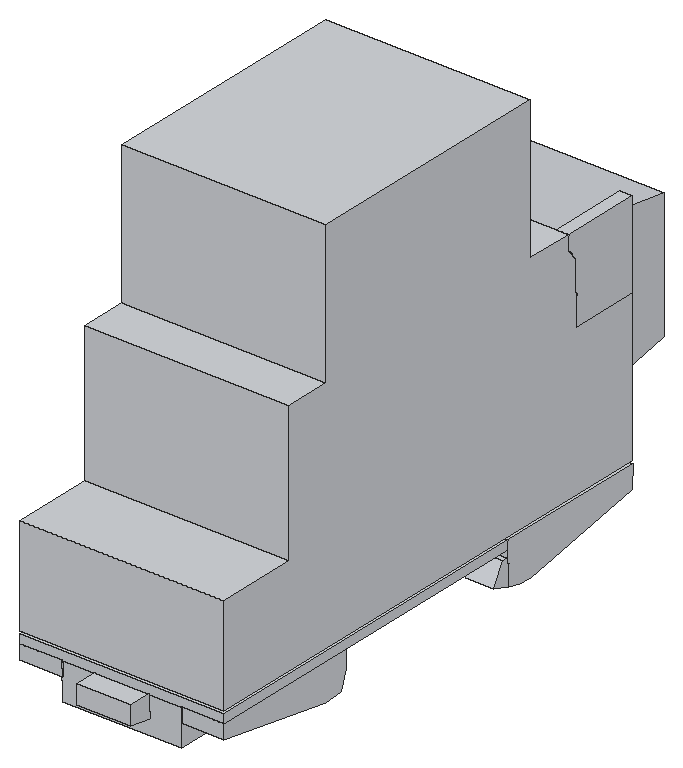
Revit family "Gira_236500", category Electrical Fixtures, host Face, Revit 2017
Family settings
  Host = Face
  Maintain Annotation Orientation = No
  Round Connector Dimension = Use Diameter
  Part Type = Normal
  Cut with Voids When Loaded = No
  Shared = No
  Room Calculation Point = No
Parameters (values of type "S3000 uni.LED dim. DRA Electronics")
  With label area = no
  URL = "https://www.gira.de/"
  Type of voltage (input voltage) = ""
  Type of load = "Universal and LED Retrofit"
  Type of fastening = "Snapper mounting"
  Type Comments = ""
  Transparent = no
  Surface protection = "Sonstige (*de-DE)"
  Surface finishing = ""
  Suitable for degree of protection (IP) = "IP20"
  Serial dimmer = no
  Radio frequent bidirectional = no
  Number of inputs = 0
  Nominal voltage [Volt] = "[230:230]"
  Model = ""
  Method of operation = "Sonstige (*de-DE)"
  Material quality = "Sonstige (*de-DE)"
  Material = "Sonstige (*de-DE)"
  Manufacturer = "Gira"
  Light value memory = no
  Keynote = ""
  Input voltage [Volt] = ""
  HeinzeBIM = "https://www.heinze.de/bim/s3000-uni-led-dim-dra-electronics/8f91fb907f181f1ec18f10e8b15fd6913afbe936"
  Halogen free = no
  HAN = "236500"
  GTIN = "4010337031376"
  Frequency [Hz] = "[50:60]"
  Dimming phase cut-on = no
  Dimming phase cut-off = no
  Description = "S3000 uni.LED dim.DRA Elec. System 3000 universal LED dimmer DRA,DRA Features: - Switching and dimming light bulbs, HV halogen lamps, electronic transformers for halogen or LED lamps, dimmable inductive transformers for halogen or LED lamps, HV LED or compact fluorescent lamps. - Switching and dimming light bulbs, HV halogen lamps, electronic transformers for halogen or LED lamps, dimmable inductive transformers for halogen or LED lamps, HV LED or compact fluorescent lamps. - Operation is via mechanical button (NO contact), System 3000 2- or 3-wire auxiliary unit or System 2000 2-wire auxiliary unit. - Automatic or manual setting of dimming principle according to load (leading or trailing edge). - Display of the selected operating mode using LED. - Bulb-saving switch-on. - Switch-on brightness can be saved permanently (possible with System 2000 and 3000 auxiliary unit). - Switch on with the last brightness set, or a saved switch-on brightness. - Minimum brightness can be set. - Electronic short-circuit protection. - Electronic excess-temperature protection. - Operation with neutral conductor connection.,Notes : - If the ambient temperature is higher than 45 C, the connected load must be reduced."
  Default Elevation = 1219.2 mm
  Cost = 0
  Anschlussart = "Screwed terminal"
  Colour = ""
  Bus connection included = no
  BIMSITE_PRODUCT_ID = "8f91fb907f181f1ec18f10e8b15fd6913afbe936"
  BIM = "https://media.live.bim.site/t/eyJhbGciOiJIUzI1NiIsInR5cCI6IkpXVCJ9.eyJjdCI6MSwidGYiOiJwdWJsaWMvZ2lyYS8wOWY1ZGI1L0dpcmEgWDEgUkVHIEtOWC5yZmEiLCJjaWQiOiJmZWQ5OGU5YS0xYmQ4LTRjNjgtYTczYi03NGE5NGUzMTU4MjMiLCJyaWQiOiJiZDhjY2NkYzEzMDg1NjkxNjNkYWNkN2ZkMzY5MTY1ZCIsInBpZCI6IjhmOTFmYjkwN2YxODFmMWVjMThmMTBlOGIxNWZkNjkxM2FmYmU5MzYiLCJzaWQiOiI2MzQ3MCIsInV0Ijo1LCJsYyI6ImVuIiwiaWF0IjoxNjA3NDM3ODg1LCJpc3MiOiJodHRwczovL2FwaS5saXZlLmJpbS5zaXRlIiwic3ViIjoiOGQzYWE1Y2ItZTA2Ni00NTk4LWJlMTYtNmUxNmVlNzQ5NTZhIn0.wIGlaMJRJFr_A3ZG84KQXCI1d6J_9enHbRddvSNTsUM/Gira X1 REG KNX.rfa"
  Zusammenstellung = "Basic element with complete housing"
  Assembly Code = ""
  Applicable with transmission button = no
  Applicable with time switch/timer = no
  Applicable with presence indicator = yes
  Applicable with movement sensor = yes
  Applicable with infrared button = no
  Applicable with button = yes
  App control via Bluetooth = no
Reference planes
  plane 1 "Center (Front/Back)": y = 0
  plane 2: z = 0
  plane 3 "Center (Left/Right)": x = 0
Forms (mm)
  Extrusion 1, solid, detail levels fine
    sketch origin (0, -0.2, 0) x (0, 1, 0) y (0, 0, 1)
      loop
        line (22.65, 43.82) -> (22.65, 68.77) -> (-22.25, 68.77) -> (-22.25, 43.82) -> (-30.4, 43.82) -> (-30.4, 19.42) -> (-44.8, 19.42) -> (-44.8, 1.97) -> (45.192, 1.97) -> (45.192, 28.47) -> (32.925, 28.47) -> (32.831, 39.259) -> (31.225, 41.242) -> (31.225, 43.82) -> (22.65, 43.82)
    from -17.95 to 17.95
  Extrusion 2, solid, detail levels fine
    sketch origin (0, -0.2, 0) x (0, 1, 0) y (0, 0, 1)
      loop
        line (45.192, 43.82) -> (31.225, 43.82) -> (31.225, 41.242) -> (32.831, 39.259) -> (32.925, 28.47) -> (45.192, 28.47) -> (45.192, 43.82)
    from -17.95 to -15.8
  Extrusion 3, solid, detail levels fine
    sketch origin (0, -0.2, 0) x (0, 1, 0) y (0, 0, -1)
      loop
        line (45.192, -43.82) -> (45.192, -28.47) -> (32.925, -28.47) -> (32.831, -39.259) -> (31.225, -41.242) -> (31.225, -43.82) -> (45.192, -43.82)
    from -17.95 to -15.8
  Extrusion 4, solid, detail levels fine
    sketch origin (0, -0.2, 0) x (0, 1, 0) y (0, 0, 1)
      loop
        line (31.5, 42.848) -> (31.5, 40.412)
        arc (31.5, 40.412) -> (38.359, 39.512) -> (45.192, 38.435) r 267
        line (45.192, 38.435) -> (45.192, 14.255)
        arc (45.192, 14.255) -> (50.205, 15.189) -> (55.2, 16.219) r 264.9
        line (55.2, 16.219) -> (55.2, 38.933)
        arc (55.2, 38.933) -> (43.394, 41.159) -> (31.5, 42.848) r 265
    from -15.506 to 15.5
  Extrusion 5, solid, detail levels fine
    sketch origin (0, -0.2, 0) x (0, 1, 0) y (0, 0, 1)
      loop
        line (45.2, 1.5) -> (17.774, 1.5) -> (17.905, -6.017)
        arc (17.905, -6.017) -> (20.285, -6.454) -> (22.7, -6.6) r 20
        arc (22.7, -6.6) -> (33.985, -5.009) -> (45.128, -2.618) r 160
        line (45.128, -2.618) -> (45.2, 1.5)
    from -17.95 to 18
  Extrusion 6, solid, detail levels fine
    sketch origin (0, -0.2, 0) x (0, 1, 0) y (0, 0, 1)
      loop
        line (17.905, -6.017) -> (17.824, -1.4) -> (16.8, -1.4) -> (14.749, -4.952)
        arc (14.749, -4.952) -> (16.305, -5.55) -> (17.905, -6.017) r 20
    from -17.95 to -13
  Extrusion 7, solid, detail levels fine
    sketch origin (0, -0.2, 0) x (0, 1, 0) y (0, 0, -1)
      loop
        arc (17.905, 6.017) -> (16.305, 5.55) -> (14.749, 4.952) r 20
        line (14.749, 4.952) -> (16.8, 1.4) -> (17.824, 1.4) -> (17.905, 6.017)
    from -17.95 to -13
  Extrusion 8, solid, detail levels fine
    sketch origin (0, -0.2, 0) x (0, 1, 0) y (0, 0, 1)
      loop
        line (17.8, 0) -> (17.774, 1.5) -> (-44.8, 1.5) -> (-44.774, 0) -> (17.8, 0)
    from -17.95 to 17.95
  Extrusion 9, solid, detail levels fine
    sketch origin (0, 0, 0) x (0, 1, 0) y (0, 0, 1)
      loop
        line (-48.916, -3.317) -> (-44.906, -3.881) -> (-44.974, 0) -> (-48.916, 0) -> (-48.916, -3.317)
    from -4.803 to 4.797
  Extrusion 10, solid, detail levels fine
    sketch origin (0, 0, 0) x (0, 1, 0) y (0, 0, 1)
      loop
        arc (-22.5, -6.6) -> (-20.811, -6.529) -> (-19.134, -6.315) r 20
        line (-19.134, -6.315) -> (-18.029, -3.279) -> (-18, 0) -> (-44.974, 0) -> (-44.928, -2.618)
        arc (-44.928, -2.618) -> (-33.785, -5.009) -> (-22.5, -6.6) r 160
    from -17.95 to -10.5
  Extrusion 11, solid, detail levels fine
    sketch origin (0, 0, 0) x (0, 1, 0) y (0, 0, -1)
      loop
        arc (-22.5, 6.6) -> (-33.785, 5.009) -> (-44.928, 2.618) r 160
        line (-44.928, 2.618) -> (-44.974, 0) -> (-18, 0) -> (-18.029, 3.279) -> (-19.134, 6.315)
        arc (-19.134, 6.315) -> (-20.811, 6.529) -> (-22.5, 6.6) r 20
    from -17.95 to -10.5
  Extrusion 12, solid, detail levels fine
    sketch origin (0, 0, 0) x (0, 1, 0) y (0, 0, 1)
      loop
        line (-30.708, -6.6) -> (-30.65, 0) -> (-44.974, 0) -> (-44.859, -6.6) -> (-30.708, -6.6)
    from -10.5 to 10.5
  Extrusion 13, solid, detail levels fine
    sketch origin (0, 0, 0) x (1, 0, 0) y (0, 1, 0)
      loop
        circle (-0.003, -20.023) r 1
    from -7.682 to 0
  Extrusion 14, solid, detail levels fine
    sketch origin (0, 0, 0) x (0, 1, 0) y (0, 0, 1)
      loop
        line (-17.523, -0.8) -> (-17.523, 0) -> (-30.65, 0) -> (-30.684, -3.9) -> (-27.106, -3.9) -> (-27.106, -5.6) -> (-19.623, -6.6) -> (-18.03, -6.6) -> (-15.023, -2.682) -> (-15.023, -1.517) -> (-17.523, -0.8)
    from -4.503 to 4.5
  Extrusion 15, solid, detail levels fine
    sketch origin (0, 0, 0) x (1, 0, 0) y (0, 1, 0)
      loop
        line (16.859, 43.848) -> (-16.859, 43.848) -> (-16.859, -43.859) -> (16.859, -43.859) -> (16.859, 43.848)
    from 1.5 to 4
  Extrusion 16, solid, detail levels medium
    sketch origin (0, 0, 0) x (0, 1, 0) y (0, 0, 1)
      loop
        line (22.45, 68.77) -> (-22.45, 68.77) -> (-22.45, 43.82) -> (-30.6, 43.82) -> (-30.6, 19.42) -> (-45, 19.42) -> (-45, 0) -> (-48.916, 0) -> (-48.916, -6.6) -> (-15.023, -6.6) -> (-15.023, 0) -> (14.549, 0) -> (14.549, -6.6) -> (44.992, -6.6) -> (44.992, 14.255)
        arc (44.992, 14.255) -> (50.005, 15.189) -> (55, 16.219) r 264.9
        line (55, 16.219) -> (55, 38.933)
        arc (55, 38.933) -> (50.005, 39.943) -> (44.992, 40.856) r 265
        line (44.992, 40.856) -> (44.992, 43.82) -> (22.45, 43.82) -> (22.45, 68.77)
    from -17.95 to 17.95
  Extrusion 17, solid, detail levels coarse
    sketch origin (0, 0, 0) x (1, 0, 0) y (0, 1, 0)
      loop
        line (-17.95, 55) -> (-17.95, -48.916) -> (17.95, -48.916) -> (17.95, 55) -> (-17.95, 55)
    from -7.682 to 68.77
Dimensions and locks
  aligned and locked: plane 2 to host face
  aligned and locked: level to host face
Connectors
  electrical at (0, -13.687, 0)
    settings: on Extrusion 8, index 1, voltage 24 V, apparent load 0 VA, apparent load phase1 0 VA, apparent load phase2 0 VA, apparent load phase3 0 VA, power factor 1, load classification "Other", number of poles 1, system type 30, power factor state 1, is connector primary yes, connector utility no, sub classification motor no, connector description ""
